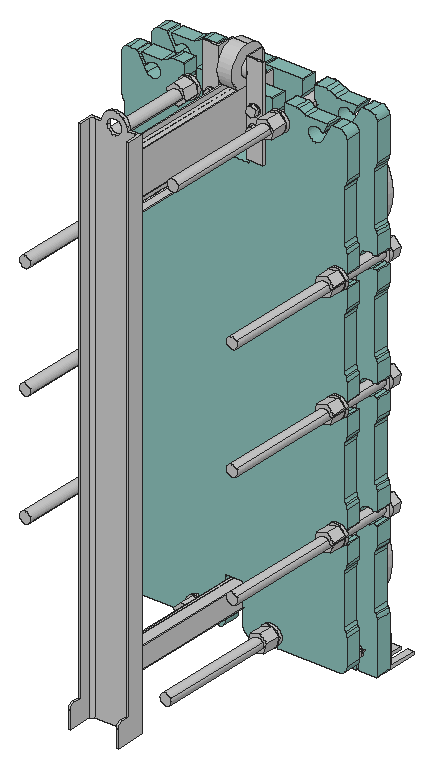
Revit family "Ekin_Endüstriyel - MIT741", category Specialty Equipment, Revit 2022
Family settings
  Round Connector Dimension = Use Diameter
  Part Type = Normal
  Work Plane-Based = No
  Always vertical = No
  Cut with Voids When Loaded = No
  Maintain Annotation Orientation = No
  Shared = No
  Room Calculation Point = No
Parameters (values of type "Flanged")
  URL = "https://en.ekinendustriyel.com/plate-heat-exchanger"
  Type Comments = ""
  Thickness_of_Plate [instance] = 0.50 mm  # constant formula
  Number_of_Plate [instance] = 20
  Model = if(Hygienic, if(Design Pressure < 11.0 bar, "H12340000F150L", if(Design Pressure < 16.0 bar, " H12340000F150M", " H12340000F150H")), if(Design Pressure < 10.0 bar, "E12340000F2150L", if(Design Pressure < 16.0 bar, " E12340000F150M", " E12340000F150H")))  # "H12340000F150L"
  Material = Galvanized Steel- S235JR
  Manufacturer = "Ekin Endüstriyel"
  Lk [instance] = (Number_of_Plate) * ((Thickness_of_Plate) + 2.60 mm)  # 62.00 mm
  Lh [instance] = 1380.00 mm  # constant formula
  Lf [instance] = 1330.00 mm  # constant formula
  Lc [instance] = if(Number_of_Plate < 26, 500.00 mm, if(Number_of_Plate < 51, 750.00 mm, if(Number_of_Plate < 101, 1250.00 mm, if(Number_of_Plate < 151, 1800.00 mm, if(Number_of_Plate < 201, 2000.00 mm, if(Number_of_Plate < 301, 2500.00 mm, 3000.00 mm))))))  # 500.00 mm
  La [instance] = 610.00 mm  # constant formula
  Keynote = ""
  Industrial [instance] = not(Hygienic)  # no
  Hygienic = yes
  Head & Follower Plate [instance] = if(Design Pressure < 11.0 bar, 40.00 mm, if(Design Pressure < 17.0 bar, 50.00 mm, 70.00 mm))  # 40.00 mm
  Follower Plate [instance] = -(Head & Follower Plate)  # -40.00 mm
  Design Pressure = 7 bar
  Description = if(Design Pressure < 11.0 bar, "MIT - Heat Exchanger - 10 bar", if(Design Pressure < 16.0 bar, " MIT - Heat Exchanger - 16 bar", " MIT - Heat Exchanger - 25 bar"))  # "MIT - Heat Exchanger - 10 bar"
  Default Elevation = 0.00 mm
Reference planes
  plane 1 "Center (Front/Back)": y = 0
  plane 2: z = 0
  plane 3 "Center (Left/Right)": x = 0
  plane 4: x = 1160
  plane 5: x = -1000
  plane 6 "2": y = -102
  plane 7 "1": y = -40
  plane 8 "3": y = -540
  plane 9 "Bolt End": y = 18.7
  plane 10: y = -500
Forms (mm)
  Extrusion 1, solid, material "Galvanized Steel", detail levels fine
    sketch origin (4.063, 0, 0) x (1, 0, 0) y (0, 0, 1)
      loop
        line (132.187, 1378) -> (132.187, 1343.302)
        arc (132.187, 1343.302) -> (115.937, 1309) -> (99.687, 1343.302) r 21
        line (99.687, 1343.302) -> (99.687, 1378)
        arc (99.687, 1378) -> (99.101, 1379.414) -> (97.687, 1380) r 2
        line (97.687, 1380) -> (0.937, 1380)
        arc (0.937, 1380) -> (-0.477, 1379.414) -> (-1.063, 1378) r 2
        line (-1.063, 1378) -> (-1.063, 1353.356)
        arc (-1.063, 1353.356) -> (-0.757, 1352.293) -> (0.067, 1351.555) r 2
        arc (0.067, 1351.555) -> (5.437, 1343) -> (0.067, 1334.445) r 9.5
        arc (0.067, 1334.445) -> (-0.757, 1333.707) -> (-1.063, 1332.644) r 2
        line (-1.063, 1332.644) -> (-1.063, 1293.356)
        arc (-1.063, 1293.356) -> (-0.757, 1292.293) -> (0.067, 1291.555) r 2
        arc (0.067, 1291.555) -> (-4.063, 1273.5) -> (-8.193, 1291.555) r 9.5
        arc (-8.193, 1291.555) -> (-7.369, 1292.293) -> (-7.063, 1293.356) r 2
        line (-7.063, 1293.356) -> (-7.063, 1332.644)
        arc (-7.063, 1332.644) -> (-7.369, 1333.707) -> (-8.193, 1334.445) r 2
        arc (-8.193, 1334.445) -> (-13.563, 1343) -> (-8.193, 1351.555) r 9.5
        arc (-8.193, 1351.555) -> (-7.369, 1352.293) -> (-7.063, 1353.356) r 2
        line (-7.063, 1353.356) -> (-7.063, 1378)
        arc (-7.063, 1378) -> (-7.649, 1379.414) -> (-9.063, 1380) r 2
        line (-9.063, 1380) -> (-105.813, 1380)
        arc (-105.813, 1380) -> (-107.227, 1379.414) -> (-107.813, 1378) r 2
        line (-107.813, 1378) -> (-107.813, 1343.302)
        arc (-107.813, 1343.302) -> (-124.063, 1309) -> (-140.313, 1343.302) r 21
        line (-140.313, 1343.302) -> (-140.313, 1378)
        arc (-140.313, 1378) -> (-140.899, 1379.414) -> (-142.313, 1380) r 2
        line (-142.313, 1380) -> (-168.704, 1380)
        arc (-168.704, 1380) -> (-173.88, 1379.319) -> (-178.704, 1377.321) r 20
        line (-178.704, 1377.321) -> (-190.207, 1370.679)
        arc (-190.207, 1370.679) -> (-195.03, 1368.681) -> (-200.207, 1368) r 20
        line (-200.207, 1368) -> (-254.663, 1368)
        arc (-254.663, 1368) -> (-256.395, 1367) -> (-256.395, 1365) r 2
        line (-256.395, 1365) -> (-244.253, 1343.971)
        arc (-244.253, 1343.971) -> (-242.573, 1342.971) -> (-240.843, 1343.882) r 2
        arc (-240.843, 1343.882) -> (-204.07, 1332.483) -> (-241.384, 1323) r 20
        line (-241.384, 1323) -> (-266.787, 1367)
        arc (-266.787, 1367) -> (-267.519, 1367.732) -> (-268.519, 1368) r 2
        line (-268.519, 1368) -> (-289.063, 1368)
        arc (-289.063, 1368) -> (-303.205, 1362.142) -> (-309.063, 1348) r 20
        line (-309.063, 1348) -> (-309.063, 1249.205)
        arc (-309.063, 1249.205) -> (-308.382, 1244.029) -> (-306.384, 1239.205) r 20
        line (-306.384, 1239.205) -> (-303.743, 1234.631)
        arc (-303.743, 1234.631) -> (-301.745, 1229.807) -> (-301.063, 1224.631) r 20
        line (-301.063, 1224.631) -> (-301.063, 1095.349)
        arc (-301.063, 1095.349) -> (-301.745, 1090.173) -> (-303.743, 1085.349) r 20
        line (-303.743, 1085.349) -> (-306.384, 1080.775)
        arc (-306.384, 1080.775) -> (-308.382, 1075.951) -> (-309.063, 1070.775) r 20
        line (-309.063, 1070.775) -> (-309.063, 1023.24)
        arc (-309.063, 1023.24) -> (-308.477, 1021.826) -> (-307.063, 1021.24) r 2
        line (-307.063, 1021.24) -> (-298.061, 1021.24)
        arc (-298.061, 1021.24) -> (-297.418, 1021.346) -> (-296.844, 1021.653) r 2
        arc (-296.844, 1021.653) -> (-263.063, 1004.99) -> (-296.844, 988.327) r 21
        arc (-296.844, 988.327) -> (-297.418, 988.634) -> (-298.061, 988.74) r 2
        line (-298.061, 988.74) -> (-307.063, 988.74)
        arc (-307.063, 988.74) -> (-308.477, 988.154) -> (-309.063, 986.74) r 2
        line (-309.063, 986.74) -> (-309.063, 939.205)
        arc (-309.063, 939.205) -> (-308.382, 934.029) -> (-306.384, 929.205) r 20
        line (-306.384, 929.205) -> (-303.743, 924.631)
        arc (-303.743, 924.631) -> (-301.745, 919.807) -> (-301.063, 914.631) r 20
        line (-301.063, 914.631) -> (-301.063, 785.349)
        arc (-301.063, 785.349) -> (-301.745, 780.173) -> (-303.743, 775.349) r 20
        line (-303.743, 775.349) -> (-306.384, 770.775)
        arc (-306.384, 770.775) -> (-308.382, 765.951) -> (-309.063, 760.775) r 20
        line (-309.063, 760.775) -> (-309.063, 713.25)
        arc (-309.063, 713.25) -> (-308.477, 711.836) -> (-307.063, 711.25) r 2
        line (-307.063, 711.25) -> (-298.061, 711.25)
        arc (-298.061, 711.25) -> (-297.418, 711.356) -> (-296.844, 711.663) r 2
        arc (-296.844, 711.663) -> (-263.063, 695) -> (-296.844, 678.337) r 21
        arc (-296.844, 678.337) -> (-297.418, 678.644) -> (-298.061, 678.75) r 2
        line (-298.061, 678.75) -> (-307.063, 678.75)
        arc (-307.063, 678.75) -> (-308.477, 678.164) -> (-309.063, 676.75) r 2
        line (-309.063, 676.75) -> (-309.063, 629.205)
        arc (-309.063, 629.205) -> (-308.382, 624.029) -> (-306.384, 619.205) r 20
        line (-306.384, 619.205) -> (-303.743, 614.631)
        arc (-303.743, 614.631) -> (-301.745, 609.807) -> (-301.063, 604.631) r 20
        line (-301.063, 604.631) -> (-301.063, 475.349)
        arc (-301.063, 475.349) -> (-301.745, 470.173) -> (-303.743, 465.349) r 20
        line (-303.743, 465.349) -> (-306.384, 460.775)
        arc (-306.384, 460.775) -> (-308.382, 455.951) -> (-309.063, 450.775) r 20
        line (-309.063, 450.775) -> (-309.063, 403.25)
        arc (-309.063, 403.25) -> (-308.477, 401.836) -> (-307.063, 401.25) r 2
        line (-307.063, 401.25) -> (-298.061, 401.25)
        arc (-298.061, 401.25) -> (-297.418, 401.356) -> (-296.844, 401.663) r 2
        arc (-296.844, 401.663) -> (-263.063, 385) -> (-296.844, 368.337) r 21
        arc (-296.844, 368.337) -> (-297.418, 368.644) -> (-298.061, 368.75) r 2
        line (-298.061, 368.75) -> (-307.063, 368.75)
        arc (-307.063, 368.75) -> (-308.477, 368.164) -> (-309.063, 366.75) r 2
        line (-309.063, 366.75) -> (-309.063, 319.205)
        arc (-309.063, 319.205) -> (-308.382, 314.029) -> (-306.384, 309.205) r 20
        line (-306.384, 309.205) -> (-303.743, 304.631)
        arc (-303.743, 304.631) -> (-301.745, 299.807) -> (-301.063, 294.631) r 20
        line (-301.063, 294.631) -> (-301.063, 165.349)
        arc (-301.063, 165.349) -> (-301.745, 160.173) -> (-303.743, 155.349) r 20
        line (-303.743, 155.349) -> (-306.384, 150.775)
        arc (-306.384, 150.775) -> (-308.382, 145.951) -> (-309.063, 140.775) r 20
        line (-309.063, 140.775) -> (-309.063, 2)
        arc (-309.063, 2) -> (-308.477, 0.586) -> (-307.063, 0) r 2
        line (-307.063, 0) -> (-261.563, 0)
        arc (-261.563, 0) -> (-260.149, 0.586) -> (-259.563, 2) r 2
        line (-259.563, 2) -> (-259.563, 34.75)
        arc (-259.563, 34.75) -> (-259.899, 35.859) -> (-260.794, 36.596) r 2
        arc (-260.794, 36.596) -> (-256.563, 57.75) -> (-252.332, 36.596) r 11
        arc (-252.332, 36.596) -> (-253.227, 35.859) -> (-253.563, 34.75) r 2
        line (-253.563, 34.75) -> (-253.563, 2)
        arc (-253.563, 2) -> (-252.977, 0.586) -> (-251.563, 0) r 2
        line (-251.563, 0) -> (-206.063, 0)
        arc (-206.063, 0) -> (-204.649, 0.586) -> (-204.063, 2) r 2
        line (-204.063, 2) -> (-204.063, 18.787)
        arc (-204.063, 18.787) -> (-202.921, 24.527) -> (-199.67, 29.393) r 15
        line (-199.67, 29.393) -> (-183.456, 45.607)
        arc (-183.456, 45.607) -> (-178.59, 48.858) -> (-172.85, 50) r 15
        line (-172.85, 50) -> (-122.313, 50)
        arc (-122.313, 50) -> (-120.899, 50.586) -> (-120.313, 52) r 2
        line (-120.313, 52) -> (-120.313, 63.502)
        arc (-120.313, 63.502) -> (-120.419, 64.145) -> (-120.726, 64.719) r 2
        arc (-120.726, 64.719) -> (-103.731, 98.497) -> (-87.813, 64.198) r 21
        line (-87.813, 64.198) -> (-87.813, 52)
        arc (-87.813, 52) -> (-87.227, 50.586) -> (-85.813, 50) r 2
        line (-85.813, 50) -> (-9.063, 50)
        arc (-9.063, 50) -> (-7.649, 50.586) -> (-7.063, 52) r 2
        line (-7.063, 52) -> (-7.063, 79.644)
        arc (-7.063, 79.644) -> (-7.369, 80.707) -> (-8.193, 81.445) r 2
        arc (-8.193, 81.445) -> (-13.563, 90) -> (-8.193, 98.555) r 9.5
        arc (-8.193, 98.555) -> (-7.369, 99.293) -> (-7.063, 100.356) r 2
        line (-7.063, 100.356) -> (-7.063, 139.644)
        arc (-7.063, 139.644) -> (-7.369, 140.707) -> (-8.193, 141.445) r 2
        arc (-8.193, 141.445) -> (-4.063, 159.5) -> (0.067, 141.445) r 9.5
        arc (0.067, 141.445) -> (-0.757, 140.707) -> (-1.063, 139.644) r 2
        line (-1.063, 139.644) -> (-1.063, 100.356)
        arc (-1.063, 100.356) -> (-0.757, 99.293) -> (0.067, 98.555) r 2
        arc (0.067, 98.555) -> (5.437, 90) -> (0.067, 81.445) r 9.5
        arc (0.067, 81.445) -> (-0.757, 80.707) -> (-1.063, 79.644) r 2
        line (-1.063, 79.644) -> (-1.063, 52)
        arc (-1.063, 52) -> (-0.477, 50.586) -> (0.937, 50) r 2
        line (0.937, 50) -> (77.687, 50)
        arc (77.687, 50) -> (79.101, 50.586) -> (79.687, 52) r 2
        line (79.687, 52) -> (79.687, 64.198)
        arc (79.687, 64.198) -> (95.604, 98.497) -> (112.6, 64.719) r 21
        arc (112.6, 64.719) -> (112.293, 64.145) -> (112.187, 63.502) r 2
        line (112.187, 63.502) -> (112.187, 52)
        arc (112.187, 52) -> (112.773, 50.586) -> (114.187, 50) r 2
        line (114.187, 50) -> (164.724, 50)
        arc (164.724, 50) -> (170.464, 48.858) -> (175.33, 45.607) r 15
        line (175.33, 45.607) -> (191.544, 29.393)
        arc (191.544, 29.393) -> (194.795, 24.527) -> (195.937, 18.787) r 15
        line (195.937, 18.787) -> (195.937, 2)
        arc (195.937, 2) -> (196.523, 0.586) -> (197.937, 0) r 2
        line (197.937, 0) -> (243.437, 0)
        arc (243.437, 0) -> (244.851, 0.586) -> (245.437, 2) r 2
        line (245.437, 2) -> (245.437, 34.75)
        arc (245.437, 34.75) -> (245.101, 35.859) -> (244.206, 36.596) r 2
        arc (244.206, 36.596) -> (248.437, 57.75) -> (252.668, 36.596) r 11
        arc (252.668, 36.596) -> (251.773, 35.859) -> (251.437, 34.75) r 2
        line (251.437, 34.75) -> (251.437, 2)
        arc (251.437, 2) -> (252.023, 0.586) -> (253.437, 0) r 2
        line (253.437, 0) -> (298.937, 0)
        arc (298.937, 0) -> (300.351, 0.586) -> (300.937, 2) r 2
        line (300.937, 2) -> (300.937, 140.775)
        arc (300.937, 140.775) -> (300.255, 145.951) -> (298.257, 150.775) r 20
        line (298.257, 150.775) -> (295.616, 155.349)
        arc (295.616, 155.349) -> (293.618, 160.173) -> (292.937, 165.349) r 20
        line (292.937, 165.349) -> (292.937, 294.631)
        arc (292.937, 294.631) -> (293.618, 299.807) -> (295.616, 304.631) r 20
        line (295.616, 304.631) -> (298.257, 309.205)
        arc (298.257, 309.205) -> (300.255, 314.029) -> (300.937, 319.205) r 20
        line (300.937, 319.205) -> (300.937, 366.75)
        arc (300.937, 366.75) -> (300.351, 368.164) -> (298.937, 368.75) r 2
        line (298.937, 368.75) -> (289.935, 368.75)
        arc (289.935, 368.75) -> (289.292, 368.644) -> (288.718, 368.337) r 2
        arc (288.718, 368.337) -> (254.937, 385) -> (288.718, 401.663) r 21
        arc (288.718, 401.663) -> (289.292, 401.356) -> (289.935, 401.25) r 2
        line (289.935, 401.25) -> (298.937, 401.25)
        arc (298.937, 401.25) -> (300.351, 401.836) -> (300.937, 403.25) r 2
        line (300.937, 403.25) -> (300.937, 450.775)
        arc (300.937, 450.775) -> (300.255, 455.951) -> (298.257, 460.775) r 20
        line (298.257, 460.775) -> (295.616, 465.349)
        arc (295.616, 465.349) -> (293.618, 470.173) -> (292.937, 475.349) r 20
        line (292.937, 475.349) -> (292.937, 604.631)
        arc (292.937, 604.631) -> (293.618, 609.807) -> (295.616, 614.631) r 20
        line (295.616, 614.631) -> (298.257, 619.205)
        arc (298.257, 619.205) -> (300.255, 624.029) -> (300.937, 629.205) r 20
        line (300.937, 629.205) -> (300.937, 676.75)
        arc (300.937, 676.75) -> (300.351, 678.164) -> (298.937, 678.75) r 2
        line (298.937, 678.75) -> (289.935, 678.75)
        arc (289.935, 678.75) -> (289.292, 678.644) -> (288.718, 678.337) r 2
        arc (288.718, 678.337) -> (254.937, 695) -> (288.718, 711.663) r 21
        arc (288.718, 711.663) -> (289.292, 711.356) -> (289.935, 711.25) r 2
        line (289.935, 711.25) -> (298.937, 711.25)
        arc (298.937, 711.25) -> (300.351, 711.836) -> (300.937, 713.25) r 2
        line (300.937, 713.25) -> (300.937, 760.775)
        arc (300.937, 760.775) -> (300.255, 765.951) -> (298.257, 770.775) r 20
        line (298.257, 770.775) -> (295.616, 775.349)
        arc (295.616, 775.349) -> (293.618, 780.173) -> (292.937, 785.349) r 20
        line (292.937, 785.349) -> (292.937, 914.631)
        arc (292.937, 914.631) -> (293.618, 919.807) -> (295.616, 924.631) r 20
        line (295.616, 924.631) -> (298.257, 929.205)
        arc (298.257, 929.205) -> (300.255, 934.029) -> (300.937, 939.205) r 20
        line (300.937, 939.205) -> (300.937, 986.74)
        arc (300.937, 986.74) -> (300.351, 988.154) -> (298.937, 988.74) r 2
        line (298.937, 988.74) -> (289.935, 988.74)
        arc (289.935, 988.74) -> (289.292, 988.634) -> (288.718, 988.327) r 2
        arc (288.718, 988.327) -> (254.937, 1004.99) -> (288.718, 1021.653) r 21
        arc (288.718, 1021.653) -> (289.292, 1021.346) -> (289.935, 1021.24) r 2
        line (289.935, 1021.24) -> (298.937, 1021.24)
        arc (298.937, 1021.24) -> (300.351, 1021.826) -> (300.937, 1023.24) r 2
        line (300.937, 1023.24) -> (300.937, 1070.775)
        arc (300.937, 1070.775) -> (300.255, 1075.951) -> (298.257, 1080.775) r 20
        line (298.257, 1080.775) -> (295.616, 1085.349)
        arc (295.616, 1085.349) -> (293.618, 1090.173) -> (292.937, 1095.349) r 20
        line (292.937, 1095.349) -> (292.937, 1224.631)
        arc (292.937, 1224.631) -> (293.618, 1229.807) -> (295.616, 1234.631) r 20
        line (295.616, 1234.631) -> (298.257, 1239.205)
        arc (298.257, 1239.205) -> (300.255, 1244.029) -> (300.937, 1249.205) r 20
        line (300.937, 1249.205) -> (300.937, 1348)
        arc (300.937, 1348) -> (295.079, 1362.142) -> (280.937, 1368) r 20
        line (280.937, 1368) -> (260.393, 1368)
        arc (260.393, 1368) -> (259.393, 1367.732) -> (258.661, 1367) r 2
        line (258.661, 1367) -> (233.257, 1323)
        arc (233.257, 1323) -> (195.944, 1332.483) -> (232.717, 1343.882) r 20
        arc (232.717, 1343.882) -> (234.447, 1342.971) -> (236.127, 1343.971) r 2
        line (236.127, 1343.971) -> (248.269, 1365)
        arc (248.269, 1365) -> (248.269, 1367) -> (246.537, 1368) r 2
        line (246.537, 1368) -> (192.081, 1368)
        arc (192.081, 1368) -> (186.904, 1368.681) -> (182.081, 1370.679) r 20
        line (182.081, 1370.679) -> (170.578, 1377.321)
        arc (170.578, 1377.321) -> (165.754, 1379.319) -> (160.578, 1380) r 20
        line (160.578, 1380) -> (134.187, 1380)
        arc (134.187, 1380) -> (132.773, 1379.414) -> (132.187, 1378) r 2
      loop
        circle (144.437, 1140) r 65
      loop
        circle (144.437, 250) r 65
      loop
        circle (-152.563, 1140) r 65
      loop
        circle (-152.563, 250) r 65
    from 0 to 40
  Extrusion 2, solid, material "Galvanized Steel", detail levels fine
    sketch origin (4.063, -102, 0) x (-1, 0, 0) y (0, 0, 1)
      loop
        arc (-132.187, 1378) -> (-132.773, 1379.414) -> (-134.187, 1380) r 2
        line (-134.187, 1380) -> (-160.578, 1380)
        arc (-160.578, 1380) -> (-165.754, 1379.319) -> (-170.578, 1377.321) r 20
        line (-170.578, 1377.321) -> (-182.081, 1370.679)
        arc (-182.081, 1370.679) -> (-186.904, 1368.681) -> (-192.081, 1368) r 20
        line (-192.081, 1368) -> (-246.537, 1368)
        arc (-246.537, 1368) -> (-248.269, 1367) -> (-248.269, 1365) r 2
        line (-248.269, 1365) -> (-236.127, 1343.971)
        arc (-236.127, 1343.971) -> (-234.447, 1342.971) -> (-232.717, 1343.882) r 2
        arc (-232.717, 1343.882) -> (-195.944, 1332.483) -> (-233.257, 1323) r 20
        line (-233.257, 1323) -> (-258.661, 1367)
        arc (-258.661, 1367) -> (-259.393, 1367.732) -> (-260.393, 1368) r 2
        line (-260.393, 1368) -> (-280.937, 1368)
        arc (-280.937, 1368) -> (-295.079, 1362.142) -> (-300.937, 1348) r 20
        line (-300.937, 1348) -> (-300.937, 1249.205)
        arc (-300.937, 1249.205) -> (-300.255, 1244.029) -> (-298.257, 1239.205) r 20
        line (-298.257, 1239.205) -> (-295.616, 1234.631)
        arc (-295.616, 1234.631) -> (-293.618, 1229.807) -> (-292.937, 1224.631) r 20
        line (-292.937, 1224.631) -> (-292.937, 1095.349)
        arc (-292.937, 1095.349) -> (-293.618, 1090.173) -> (-295.616, 1085.349) r 20
        line (-295.616, 1085.349) -> (-298.257, 1080.775)
        arc (-298.257, 1080.775) -> (-300.255, 1075.951) -> (-300.937, 1070.775) r 20
        line (-300.937, 1070.775) -> (-300.937, 1023.24)
        arc (-300.937, 1023.24) -> (-300.351, 1021.826) -> (-298.937, 1021.24) r 2
        line (-298.937, 1021.24) -> (-289.935, 1021.24)
        arc (-289.935, 1021.24) -> (-289.292, 1021.346) -> (-288.718, 1021.653) r 2
        arc (-288.718, 1021.653) -> (-254.937, 1004.99) -> (-288.718, 988.327) r 21
        arc (-288.718, 988.327) -> (-289.292, 988.634) -> (-289.935, 988.74) r 2
        line (-289.935, 988.74) -> (-298.937, 988.74)
        arc (-298.937, 988.74) -> (-300.351, 988.154) -> (-300.937, 986.74) r 2
        line (-300.937, 986.74) -> (-300.937, 939.205)
        arc (-300.937, 939.205) -> (-300.255, 934.029) -> (-298.257, 929.205) r 20
        line (-298.257, 929.205) -> (-295.616, 924.631)
        arc (-295.616, 924.631) -> (-293.618, 919.807) -> (-292.937, 914.631) r 20
        line (-292.937, 914.631) -> (-292.937, 785.349)
        arc (-292.937, 785.349) -> (-293.618, 780.173) -> (-295.616, 775.349) r 20
        line (-295.616, 775.349) -> (-298.257, 770.775)
        arc (-298.257, 770.775) -> (-300.255, 765.951) -> (-300.937, 760.775) r 20
        line (-300.937, 760.775) -> (-300.937, 713.25)
        arc (-300.937, 713.25) -> (-300.351, 711.836) -> (-298.937, 711.25) r 2
        line (-298.937, 711.25) -> (-289.935, 711.25)
        arc (-289.935, 711.25) -> (-289.292, 711.356) -> (-288.718, 711.663) r 2
        arc (-288.718, 711.663) -> (-254.937, 695) -> (-288.718, 678.337) r 21
        arc (-288.718, 678.337) -> (-289.292, 678.644) -> (-289.935, 678.75) r 2
        line (-289.935, 678.75) -> (-298.937, 678.75)
        arc (-298.937, 678.75) -> (-300.351, 678.164) -> (-300.937, 676.75) r 2
        line (-300.937, 676.75) -> (-300.937, 629.205)
        arc (-300.937, 629.205) -> (-300.255, 624.029) -> (-298.257, 619.205) r 20
        line (-298.257, 619.205) -> (-295.616, 614.631)
        arc (-295.616, 614.631) -> (-293.618, 609.807) -> (-292.937, 604.631) r 20
        line (-292.937, 604.631) -> (-292.937, 475.349)
        arc (-292.937, 475.349) -> (-293.618, 470.173) -> (-295.616, 465.349) r 20
        line (-295.616, 465.349) -> (-298.257, 460.775)
        arc (-298.257, 460.775) -> (-300.255, 455.951) -> (-300.937, 450.775) r 20
        line (-300.937, 450.775) -> (-300.937, 403.25)
        arc (-300.937, 403.25) -> (-300.351, 401.836) -> (-298.937, 401.25) r 2
        line (-298.937, 401.25) -> (-289.935, 401.25)
        arc (-289.935, 401.25) -> (-289.292, 401.356) -> (-288.718, 401.663) r 2
        arc (-288.718, 401.663) -> (-254.937, 385) -> (-288.718, 368.337) r 21
        arc (-288.718, 368.337) -> (-289.292, 368.644) -> (-289.935, 368.75) r 2
        line (-289.935, 368.75) -> (-298.937, 368.75)
        arc (-298.937, 368.75) -> (-300.351, 368.164) -> (-300.937, 366.75) r 2
        line (-300.937, 366.75) -> (-300.937, 319.205)
        arc (-300.937, 319.205) -> (-300.255, 314.029) -> (-298.257, 309.205) r 20
        line (-298.257, 309.205) -> (-295.616, 304.631)
        arc (-295.616, 304.631) -> (-293.618, 299.807) -> (-292.937, 294.631) r 20
        line (-292.937, 294.631) -> (-292.937, 165.349)
        arc (-292.937, 165.349) -> (-293.618, 160.173) -> (-295.616, 155.349) r 20
        line (-295.616, 155.349) -> (-298.257, 150.775)
        arc (-298.257, 150.775) -> (-300.255, 145.951) -> (-300.937, 140.775) r 20
        line (-300.937, 140.775) -> (-300.937, 70)
        arc (-300.937, 70) -> (-295.079, 55.858) -> (-280.937, 50) r 20
        line (-280.937, 50) -> (-114.187, 50)
        arc (-114.187, 50) -> (-112.773, 50.586) -> (-112.187, 52) r 2
        line (-112.187, 52) -> (-112.187, 63.502)
        arc (-112.187, 63.502) -> (-112.293, 64.145) -> (-112.6, 64.719) r 2
        arc (-112.6, 64.719) -> (-95.604, 98.497) -> (-79.687, 64.198) r 21
        line (-79.687, 64.198) -> (-79.687, 52)
        arc (-79.687, 52) -> (-79.101, 50.586) -> (-77.687, 50) r 2
        line (-77.687, 50) -> (-38.937, 50)
        arc (-38.937, 50) -> (-24.795, 55.858) -> (-18.937, 70) r 20
        line (-18.937, 70) -> (-18.937, 177)
        arc (-18.937, 177) -> (-18.058, 179.121) -> (-15.937, 180) r 3
        line (-15.937, 180) -> (24.063, 180)
        arc (24.063, 180) -> (26.184, 179.121) -> (27.063, 177) r 3
        line (27.063, 177) -> (27.063, 70)
        arc (27.063, 70) -> (32.921, 55.858) -> (47.063, 50) r 20
        line (47.063, 50) -> (85.813, 50)
        arc (85.813, 50) -> (87.227, 50.586) -> (87.813, 52) r 2
        line (87.813, 52) -> (87.813, 64.198)
        arc (87.813, 64.198) -> (103.731, 98.497) -> (120.726, 64.719) r 21
        arc (120.726, 64.719) -> (120.419, 64.145) -> (120.313, 63.502) r 2
        line (120.313, 63.502) -> (120.313, 52)
        arc (120.313, 52) -> (120.899, 50.586) -> (122.313, 50) r 2
        line (122.313, 50) -> (289.063, 50)
        arc (289.063, 50) -> (303.205, 55.858) -> (309.063, 70) r 20
        line (309.063, 70) -> (309.063, 140.775)
        arc (309.063, 140.775) -> (308.382, 145.951) -> (306.384, 150.775) r 20
        line (306.384, 150.775) -> (303.743, 155.349)
        arc (303.743, 155.349) -> (301.745, 160.173) -> (301.063, 165.349) r 20
        line (301.063, 165.349) -> (301.063, 294.631)
        arc (301.063, 294.631) -> (301.745, 299.807) -> (303.743, 304.631) r 20
        line (303.743, 304.631) -> (306.384, 309.205)
        arc (306.384, 309.205) -> (308.382, 314.029) -> (309.063, 319.205) r 20
        line (309.063, 319.205) -> (309.063, 366.75)
        arc (309.063, 366.75) -> (308.477, 368.164) -> (307.063, 368.75) r 2
        line (307.063, 368.75) -> (298.061, 368.75)
        arc (298.061, 368.75) -> (297.418, 368.644) -> (296.844, 368.337) r 2
        arc (296.844, 368.337) -> (263.063, 385) -> (296.844, 401.663) r 21
        arc (296.844, 401.663) -> (297.418, 401.356) -> (298.061, 401.25) r 2
        line (298.061, 401.25) -> (307.063, 401.25)
        arc (307.063, 401.25) -> (308.477, 401.836) -> (309.063, 403.25) r 2
        line (309.063, 403.25) -> (309.063, 450.775)
        arc (309.063, 450.775) -> (308.382, 455.951) -> (306.384, 460.775) r 20
        line (306.384, 460.775) -> (303.743, 465.349)
        arc (303.743, 465.349) -> (301.745, 470.173) -> (301.063, 475.349) r 20
        line (301.063, 475.349) -> (301.063, 604.631)
        arc (301.063, 604.631) -> (301.745, 609.807) -> (303.743, 614.631) r 20
        line (303.743, 614.631) -> (306.384, 619.205)
        arc (306.384, 619.205) -> (308.382, 624.029) -> (309.063, 629.205) r 20
        line (309.063, 629.205) -> (309.063, 676.75)
        arc (309.063, 676.75) -> (308.477, 678.164) -> (307.063, 678.75) r 2
        line (307.063, 678.75) -> (298.061, 678.75)
        arc (298.061, 678.75) -> (297.418, 678.644) -> (296.844, 678.337) r 2
        arc (296.844, 678.337) -> (263.063, 695) -> (296.844, 711.663) r 21
        arc (296.844, 711.663) -> (297.418, 711.356) -> (298.061, 711.25) r 2
        line (298.061, 711.25) -> (307.063, 711.25)
        arc (307.063, 711.25) -> (308.477, 711.836) -> (309.063, 713.25) r 2
        line (309.063, 713.25) -> (309.063, 760.775)
        arc (309.063, 760.775) -> (308.382, 765.951) -> (306.384, 770.775) r 20
        line (306.384, 770.775) -> (303.743, 775.349)
        arc (303.743, 775.349) -> (301.745, 780.173) -> (301.063, 785.349) r 20
        line (301.063, 785.349) -> (301.063, 914.631)
        arc (301.063, 914.631) -> (301.745, 919.807) -> (303.743, 924.631) r 20
        line (303.743, 924.631) -> (306.384, 929.205)
        arc (306.384, 929.205) -> (308.382, 934.029) -> (309.063, 939.205) r 20
        line (309.063, 939.205) -> (309.063, 986.74)
        arc (309.063, 986.74) -> (308.477, 988.154) -> (307.063, 988.74) r 2
        line (307.063, 988.74) -> (298.061, 988.74)
        arc (298.061, 988.74) -> (297.418, 988.634) -> (296.844, 988.327) r 2
        arc (296.844, 988.327) -> (263.063, 1004.99) -> (296.844, 1021.653) r 21
        arc (296.844, 1021.653) -> (297.418, 1021.346) -> (298.061, 1021.24) r 2
        line (298.061, 1021.24) -> (307.063, 1021.24)
        arc (307.063, 1021.24) -> (308.477, 1021.826) -> (309.063, 1023.24) r 2
        line (309.063, 1023.24) -> (309.063, 1070.775)
        arc (309.063, 1070.775) -> (308.382, 1075.951) -> (306.384, 1080.775) r 20
        line (306.384, 1080.775) -> (303.743, 1085.349)
        arc (303.743, 1085.349) -> (301.745, 1090.173) -> (301.063, 1095.349) r 20
        line (301.063, 1095.349) -> (301.063, 1224.631)
        arc (301.063, 1224.631) -> (301.745, 1229.807) -> (303.743, 1234.631) r 20
        line (303.743, 1234.631) -> (306.384, 1239.205)
        arc (306.384, 1239.205) -> (308.382, 1244.029) -> (309.063, 1249.205) r 20
        line (309.063, 1249.205) -> (309.063, 1348)
        arc (309.063, 1348) -> (303.205, 1362.142) -> (289.063, 1368) r 20
        line (289.063, 1368) -> (268.519, 1368)
        arc (268.519, 1368) -> (267.519, 1367.732) -> (266.787, 1367) r 2
        line (266.787, 1367) -> (241.384, 1323)
        arc (241.384, 1323) -> (204.07, 1332.483) -> (240.843, 1343.882) r 20
        arc (240.843, 1343.882) -> (242.573, 1342.971) -> (244.253, 1343.971) r 2
        line (244.253, 1343.971) -> (256.395, 1365)
        arc (256.395, 1365) -> (256.395, 1367) -> (254.663, 1368) r 2
        line (254.663, 1368) -> (200.207, 1368)
        arc (200.207, 1368) -> (195.03, 1368.681) -> (190.207, 1370.679) r 20
        line (190.207, 1370.679) -> (178.704, 1377.321)
        arc (178.704, 1377.321) -> (173.88, 1379.319) -> (168.704, 1380) r 20
        line (168.704, 1380) -> (142.313, 1380)
        arc (142.313, 1380) -> (140.899, 1379.414) -> (140.313, 1378) r 2
        line (140.313, 1378) -> (140.313, 1343.302)
        arc (140.313, 1343.302) -> (124.063, 1309) -> (107.813, 1343.302) r 21
        line (107.813, 1343.302) -> (107.813, 1378)
        arc (107.813, 1378) -> (107.227, 1379.414) -> (105.813, 1380) r 2
        line (105.813, 1380) -> (45.063, 1380) -> (45.063, 1340.7) -> (51.701, 1340.7)
        arc (51.701, 1340.7) -> (72.263, 1337.7) -> (51.701, 1334.7) r 10.5
        line (51.701, 1334.7) -> (45.063, 1334.7) -> (45.063, 1290.7) -> (51.701, 1290.7)
        arc (51.701, 1290.7) -> (72.263, 1287.7) -> (51.701, 1284.7) r 10.5
        line (51.701, 1284.7) -> (45.063, 1284.7) -> (45.063, 1202.5)
        arc (45.063, 1202.5) -> (44.477, 1201.086) -> (43.063, 1200.5) r 2
        line (43.063, 1200.5) -> (-34.937, 1200.5)
        arc (-34.937, 1200.5) -> (-36.351, 1201.086) -> (-36.937, 1202.5) r 2
        line (-36.937, 1202.5) -> (-36.937, 1284.7) -> (-43.575, 1284.7)
        arc (-43.575, 1284.7) -> (-64.137, 1287.7) -> (-43.575, 1290.7) r 10.5
        line (-43.575, 1290.7) -> (-36.937, 1290.7) -> (-36.937, 1334.7) -> (-43.575, 1334.7)
        arc (-43.575, 1334.7) -> (-64.137, 1337.7) -> (-43.575, 1340.7) r 10.5
        line (-43.575, 1340.7) -> (-36.937, 1340.7) -> (-36.937, 1380) -> (-97.687, 1380)
        arc (-97.687, 1380) -> (-99.101, 1379.414) -> (-99.687, 1378) r 2
        line (-99.687, 1378) -> (-99.687, 1343.302)
        arc (-99.687, 1343.302) -> (-115.937, 1309) -> (-132.187, 1343.302) r 21
        line (-132.187, 1343.302) -> (-132.187, 1378)
    from 0 to -40 <- "Follower Plate"
  Extrusion 3, solid, material "Galvanized Steel- S235JR"
    sketch origin (0, 0, 0) x (1, 0, 0) y (0, 0, 1)
      loop
        line (-18, 110) -> (18, 110)
        arc (18, 110) -> (19.414, 110.586) -> (20, 112) r 2
        line (20, 112) -> (20, 168)
        arc (20, 168) -> (19.414, 169.414) -> (18, 170) r 2
        line (18, 170) -> (-18, 170)
        arc (-18, 170) -> (-19.414, 169.414) -> (-20, 168) r 2
        line (-20, 168) -> (-20, 112)
        arc (-20, 112) -> (-19.414, 110.586) -> (-18, 110) r 2
      loop
        line (-15, 113) -> (15, 113)
        arc (15, 113) -> (16.414, 113.586) -> (17, 115) r 2
        line (17, 115) -> (17, 165)
        arc (17, 165) -> (16.414, 166.414) -> (15, 167) r 2
        line (15, 167) -> (-15, 167)
        arc (-15, 167) -> (-16.414, 166.414) -> (-17, 165) r 2
        line (-17, 165) -> (-17, 115)
        arc (-17, 115) -> (-16.414, 113.586) -> (-15, 113) r 2
      loop
        line (-21.125, 1260) -> (-6.125, 1260)
        arc (-6.125, 1260) -> (-4.004, 1259.121) -> (-3.125, 1257) r 3
        line (-3.125, 1257) -> (-3.125, 1233)
        arc (-3.125, 1233) -> (-4.004, 1230.879) -> (-6.125, 1230) r 3
        line (-6.125, 1230) -> (-26.125, 1230) -> (-26.125, 1227) -> (-3.125, 1227)
        arc (-3.125, 1227) -> (-1.004, 1227.879) -> (-0.125, 1230) r 3
        arc (-0.125, 1230) -> (0.754, 1227.879) -> (2.875, 1227) r 3
        line (2.875, 1227) -> (25.875, 1227) -> (25.875, 1230) -> (5.875, 1230)
        arc (5.875, 1230) -> (3.754, 1230.879) -> (2.875, 1233) r 3
        line (2.875, 1233) -> (2.875, 1257)
        arc (2.875, 1257) -> (3.754, 1259.121) -> (5.875, 1260) r 3
        line (5.875, 1260) -> (20.875, 1260)
        arc (20.875, 1260) -> (22.289, 1260.586) -> (22.875, 1262) r 2
        line (22.875, 1262) -> (22.875, 1375) -> (19.875, 1375) -> (19.875, 1363) -> (-20.125, 1363) -> (-20.125, 1375) -> (-23.125, 1375) -> (-23.125, 1262)
        arc (-23.125, 1262) -> (-22.539, 1260.586) -> (-21.125, 1260) r 2
      loop
        line (-13.125, 1268) -> (12.875, 1268)
        arc (12.875, 1268) -> (14.289, 1268.586) -> (14.875, 1270) r 2
        line (14.875, 1270) -> (14.875, 1356)
        arc (14.875, 1356) -> (14.289, 1357.414) -> (12.875, 1358) r 2
        line (12.875, 1358) -> (-13.125, 1358)
        arc (-13.125, 1358) -> (-14.539, 1357.414) -> (-15.125, 1356) r 2
        line (-15.125, 1356) -> (-15.125, 1270)
        arc (-15.125, 1270) -> (-14.539, 1268.586) -> (-13.125, 1268) r 2
    from 40 to 540
  Extrusion 4, solid, material "Galvanized Steel- S235JR"
    sketch origin (0, 0, 0) x (1, 0, 0) y (0, 0, 1)
      loop
        circle (-100, 77.5) r 15
      loop
        circle (-280, 384.99) r 15
      loop
        circle (-280, 694.99) r 15
      loop
        circle (-280, 1004.99) r 15
      loop
        circle (-120, 1330) r 15
      loop
        circle (100, 77.5) r 15
      loop
        circle (280, 384.99) r 15
      loop
        circle (280, 694.99) r 15
      loop
        circle (280, 1004.99) r 15
      loop
        circle (120, 1330) r 15
    from 0 to 500
  Extrusion 5, solid, material "Galvanized Steel- S235JR", detail levels fine
    sketch origin (0, 0, 0) x (1, 0, 0) y (0, 0, 1)
      loop
        line (-246.063, 59.021) -> (-259.908, 58.46) -> (-266.345, 46.189) -> (-258.937, 34.479) -> (-245.092, 35.04) -> (-238.655, 47.311) -> (-246.063, 59.021)
      loop
        line (241.591, 55.293) -> (239.647, 41.574) -> (250.556, 33.031) -> (263.409, 38.207) -> (265.353, 51.926) -> (254.444, 60.469) -> (241.591, 55.293)
    from -21 to -8
  Extrusion 6, solid, material "Galvanized Steel- S235JR", detail levels fine
    sketch origin (276.226, -40, -33.535) x (1, 0, 0) y (0, 0, 1)
      loop
        circle (-23.726, 80.285) r 14
      loop
        circle (-528.726, 80.285) r 14
    from 0 to 3
  Extrusion 7, solid, material "Galvanized Steel- S235JR", detail levels fine
    sketch origin (0, 0, 0) x (1, 0, 0) y (0, 0, 1)
      loop
        circle (252.5, 46.75) r 7
      loop
        circle (-252.5, 46.75) r 7
    from 60 to -11
  Extrusion 8, solid, material "Galvanized Steel- S235JR", detail levels fine
    sketch origin (29.639, -40, 34.419) x (1, 0, 0) y (0, 0, 1)
      loop
        line (-275.702, 24.602) -> (-289.547, 24.04) -> (-295.984, 11.77) -> (-288.575, 0.06) -> (-274.73, 0.621) -> (-268.294, 12.892) -> (-275.702, 24.602)
      loop
        line (211.952, 20.874) -> (210.008, 7.155) -> (220.917, -1.388) -> (233.77, 3.788) -> (235.715, 17.507) -> (224.805, 26.05) -> (211.952, 20.874)
    from 11 to 3
  Extrusion 9, solid, material "Galvanized Steel- S235JR", detail levels fine
    sketch origin (0, 0, 0) x (1, 0, 0) y (0, 0, 1)
      loop
        line (96.095, 151.381) -> (88.731, 139.643) -> (95.214, 127.397) -> (109.061, 126.888) -> (116.425, 138.626) -> (109.942, 150.872) -> (96.095, 151.381)
      loop
        line (41.709, 217.322) -> (28.203, 214.229) -> (24.128, 200.985) -> (33.56, 190.834) -> (47.066, 193.927) -> (51.141, 207.171) -> (41.709, 217.322)
      loop
        line (38.143, 309.769) -> (25.897, 303.286) -> (25.388, 289.439) -> (37.126, 282.075) -> (49.372, 288.558) -> (49.881, 302.405) -> (38.143, 309.769)
      loop
        line (92.427, 351.434) -> (105.671, 347.359) -> (115.822, 356.791) -> (112.729, 370.297) -> (99.485, 374.372) -> (89.334, 364.94) -> (92.427, 351.434)
      loop
        line (187.939, 373.112) -> (180.575, 361.374) -> (187.058, 349.128) -> (200.905, 348.619) -> (208.269, 360.357) -> (201.786, 372.603) -> (187.939, 373.112)
      loop
        line (245.859, 292.829) -> (255.291, 282.678) -> (268.797, 285.771) -> (272.872, 299.015) -> (263.44, 309.166) -> (249.934, 306.073) -> (245.859, 292.829)
      loop
        line (247.119, 197.595) -> (258.857, 190.231) -> (271.103, 196.714) -> (271.612, 210.561) -> (259.874, 217.925) -> (247.628, 211.442) -> (247.119, 197.595)
      loop
        line (181.178, 143.209) -> (184.271, 129.703) -> (197.515, 125.628) -> (207.666, 135.06) -> (204.573, 148.566) -> (191.329, 152.641) -> (181.178, 143.209)
      loop
        line (96.095, 1041.381) -> (88.731, 1029.643) -> (95.214, 1017.397) -> (109.061, 1016.888) -> (116.425, 1028.626) -> (109.942, 1040.872) -> (96.095, 1041.381)
      loop
        line (41.709, 1107.322) -> (28.203, 1104.229) -> (24.128, 1090.985) -> (33.56, 1080.834) -> (47.066, 1083.927) -> (51.141, 1097.171) -> (41.709, 1107.322)
      loop
        line (38.143, 1199.769) -> (25.897, 1193.286) -> (25.388, 1179.439) -> (37.126, 1172.075) -> (49.372, 1178.558) -> (49.881, 1192.405) -> (38.143, 1199.769)
      loop
        line (92.427, 1241.434) -> (105.671, 1237.359) -> (115.822, 1246.791) -> (112.729, 1260.297) -> (99.485, 1264.372) -> (89.334, 1254.94) -> (92.427, 1241.434)
      loop
        line (187.939, 1263.112) -> (180.575, 1251.374) -> (187.058, 1239.128) -> (200.905, 1238.619) -> (208.269, 1250.357) -> (201.786, 1262.603) -> (187.939, 1263.112)
      loop
        line (245.859, 1182.829) -> (255.291, 1172.678) -> (268.797, 1175.771) -> (272.872, 1189.015) -> (263.44, 1199.166) -> (249.934, 1196.073) -> (245.859, 1182.829)
      loop
        line (247.119, 1087.595) -> (258.857, 1080.231) -> (271.103, 1086.714) -> (271.612, 1100.561) -> (259.874, 1107.925) -> (247.628, 1101.442) -> (247.119, 1087.595)
      loop
        line (181.178, 1033.209) -> (184.271, 1019.703) -> (197.515, 1015.628) -> (207.666, 1025.06) -> (204.573, 1038.566) -> (191.329, 1042.641) -> (181.178, 1033.209)
      loop
        line (-200.905, 1041.381) -> (-208.269, 1029.643) -> (-201.786, 1017.397) -> (-187.939, 1016.888) -> (-180.575, 1028.626) -> (-187.058, 1040.872) -> (-200.905, 1041.381)
      loop
        line (-255.291, 1107.322) -> (-268.797, 1104.229) -> (-272.872, 1090.985) -> (-263.44, 1080.834) -> (-249.934, 1083.927) -> (-245.859, 1097.171) -> (-255.291, 1107.322)
      loop
        line (-258.857, 1199.769) -> (-271.103, 1193.286) -> (-271.612, 1179.439) -> (-259.874, 1172.075) -> (-247.628, 1178.558) -> (-247.119, 1192.405) -> (-258.857, 1199.769)
      loop
        line (-204.573, 1241.434) -> (-191.329, 1237.359) -> (-181.178, 1246.791) -> (-184.271, 1260.297) -> (-197.515, 1264.372) -> (-207.666, 1254.94) -> (-204.573, 1241.434)
      loop
        line (-109.061, 1263.112) -> (-116.425, 1251.374) -> (-109.942, 1239.128) -> (-96.095, 1238.619) -> (-88.731, 1250.357) -> (-95.214, 1262.603) -> (-109.061, 1263.112)
      loop
        line (-51.141, 1182.829) -> (-41.709, 1172.678) -> (-28.203, 1175.771) -> (-24.128, 1189.015) -> (-33.56, 1199.166) -> (-47.066, 1196.073) -> (-51.141, 1182.829)
      loop
        line (-49.881, 1087.595) -> (-38.143, 1080.231) -> (-25.897, 1086.714) -> (-25.388, 1100.561) -> (-37.126, 1107.925) -> (-49.372, 1101.442) -> (-49.881, 1087.595)
      loop
        line (-115.822, 1033.209) -> (-112.729, 1019.703) -> (-99.485, 1015.628) -> (-89.334, 1025.06) -> (-92.427, 1038.566) -> (-105.671, 1042.641) -> (-115.822, 1033.209)
      loop
        line (-200.905, 151.381) -> (-208.269, 139.643) -> (-201.786, 127.397) -> (-187.939, 126.888) -> (-180.575, 138.626) -> (-187.058, 150.872) -> (-200.905, 151.381)
      loop
        line (-255.291, 217.322) -> (-268.797, 214.229) -> (-272.872, 200.985) -> (-263.44, 190.834) -> (-249.934, 193.927) -> (-245.859, 207.171) -> (-255.291, 217.322)
      loop
        line (-258.857, 309.769) -> (-271.103, 303.286) -> (-271.612, 289.439) -> (-259.874, 282.075) -> (-247.628, 288.558) -> (-247.119, 302.405) -> (-258.857, 309.769)
      loop
        line (-204.573, 351.434) -> (-191.329, 347.359) -> (-181.178, 356.791) -> (-184.271, 370.297) -> (-197.515, 374.372) -> (-207.666, 364.94) -> (-204.573, 351.434)
      loop
        line (-109.061, 373.112) -> (-116.425, 361.374) -> (-109.942, 349.128) -> (-96.095, 348.619) -> (-88.731, 360.357) -> (-95.214, 372.603) -> (-109.061, 373.112)
      loop
        line (-51.141, 292.829) -> (-41.709, 282.678) -> (-28.203, 285.771) -> (-24.128, 299.015) -> (-33.56, 309.166) -> (-47.066, 306.073) -> (-51.141, 292.829)
      loop
        line (-49.881, 197.595) -> (-38.143, 190.231) -> (-25.897, 196.714) -> (-25.388, 210.561) -> (-37.126, 217.925) -> (-49.372, 211.442) -> (-49.881, 197.595)
      loop
        line (-115.822, 143.209) -> (-112.729, 129.703) -> (-99.485, 125.628) -> (-89.334, 135.06) -> (-92.427, 148.566) -> (-105.671, 152.641) -> (-115.822, 143.209)
    from -38.2 to -28.2
  Extrusion 10, solid, material "Galvanized Steel- S235JR", detail levels fine
    sketch origin (0, 0, 0) x (1, 0, 0) y (0, 0, 1)
      loop
        line (-11.95, 1350.014) -> (-12.05, 1336.158) -> (-0.1, 1329.144) -> (11.95, 1335.986) -> (12.05, 1349.842) -> (0.1, 1356.856) -> (-11.95, 1350.014)
      loop
        line (-13.027, 1287.721) -> (-10.602, 1274.078) -> (2.425, 1269.357) -> (13.027, 1278.279) -> (10.602, 1291.922) -> (-2.425, 1296.643) -> (-13.027, 1287.721)
      loop
        line (-12.854, 144.826) -> (-1.946, 136.281) -> (10.908, 141.455) -> (12.854, 155.174) -> (1.946, 163.719) -> (-10.908, 158.545) -> (-12.854, 144.826)
      loop
        line (-12.909, 95.036) -> (-10.816, 81.339) -> (2.093, 76.303) -> (12.909, 84.964) -> (10.816, 98.661) -> (-2.093, 103.697) -> (-12.909, 95.036)
    from 0 to -10
  Extrusion 11, solid, material "Galvanized Steel- S235JR", detail levels medium+fine
    sketch origin (0, 0, 0) x (1, 0, 0) y (0, 1, 0)
      loop
        line (-67.5, -620) -> (-62.5, -620) -> (-62.5, -558)
        arc (-62.5, -558) -> (-59.571, -550.929) -> (-52.5, -548) r 10
        line (-52.5, -548) -> (52.5, -548)
        arc (52.5, -548) -> (59.571, -550.929) -> (62.5, -558) r 10
        line (62.5, -558) -> (62.5, -620) -> (67.5, -620) -> (67.5, -540) -> (-67.5, -540) -> (-67.5, -620)
    from 0 to 2169.894
  Extrusion 12, solid, material "Galvanized Steel- S235JR", detail levels medium+fine
    sketch origin (0, 0, 0) x (1, 0, 0) y (0, 0, 1)
      loop
        circle (-280, 1004.99) r 27.5
      loop
        circle (-280, 1004.99) r 15
      loop
        circle (-120, 1330) r 27.5
      loop
        circle (-120, 1330) r 15
      loop
        circle (-280, 694.99) r 27.5
      loop
        circle (-280, 694.99) r 15
      loop
        circle (-280, 384.99) r 27.5
      loop
        circle (-280, 384.99) r 15
      loop
        circle (-100, 77.5) r 27.5
      loop
        circle (-100, 77.5) r 15
      loop
        circle (280, 1004.99) r 27.5
      loop
        circle (280, 1004.99) r 15
      loop
        circle (120, 1330) r 27.5
      loop
        circle (120, 1330) r 15
      loop
        circle (280, 694.99) r 27.5
      loop
        circle (280, 694.99) r 15
      loop
        circle (280, 384.99) r 27.5
      loop
        circle (280, 384.99) r 15
      loop
        circle (100, 77.5) r 27.5
      loop
        circle (100, 77.5) r 15
    from 0 to -8
  Extrusion 13, solid, material "Galvanized Steel- S235JR", detail levels fine
    sketch origin (4.063, -142, 0) x (1, 0, 0) y (0, 0, 1)
      loop
        line (122.837, 1355.646) -> (97.177, 1348.799) -> (90.277, 1323.153) -> (109.037, 1304.354) -> (134.697, 1311.201) -> (141.597, 1336.847) -> (122.837, 1355.646)
      loop
        line (282.837, 1030.636) -> (257.177, 1023.789) -> (250.277, 998.143) -> (269.037, 979.344) -> (294.697, 986.191) -> (301.597, 1011.837) -> (282.837, 1030.636)
      loop
        line (282.837, 720.636) -> (257.177, 713.789) -> (250.277, 688.143) -> (269.037, 669.344) -> (294.697, 676.191) -> (301.597, 701.837) -> (282.837, 720.636)
      loop
        line (282.837, 410.636) -> (257.177, 403.789) -> (250.277, 378.143) -> (269.037, 359.344) -> (294.697, 366.191) -> (301.597, 391.837) -> (282.837, 410.636)
      loop
        line (102.837, 103.146) -> (77.177, 96.299) -> (70.277, 70.653) -> (89.037, 51.854) -> (114.697, 58.701) -> (121.597, 84.347) -> (102.837, 103.146)
      loop
        line (-130.963, 1355.646) -> (-149.723, 1336.847) -> (-142.823, 1311.201) -> (-117.163, 1304.354) -> (-98.403, 1323.153) -> (-105.303, 1348.799) -> (-130.963, 1355.646)
      loop
        line (-290.963, 1030.636) -> (-309.723, 1011.837) -> (-302.823, 986.191) -> (-277.163, 979.344) -> (-258.403, 998.143) -> (-265.303, 1023.789) -> (-290.963, 1030.636)
      loop
        line (-290.963, 720.636) -> (-309.723, 701.837) -> (-302.823, 676.191) -> (-277.163, 669.344) -> (-258.403, 688.143) -> (-265.303, 713.789) -> (-290.963, 720.636)
      loop
        line (-290.963, 410.636) -> (-309.723, 391.837) -> (-302.823, 366.191) -> (-277.163, 359.344) -> (-258.403, 378.143) -> (-265.303, 403.789) -> (-290.963, 410.636)
      loop
        line (-110.963, 103.146) -> (-129.723, 84.347) -> (-122.823, 58.701) -> (-97.163, 51.854) -> (-78.403, 70.653) -> (-85.303, 96.299) -> (-110.963, 103.146)
    from 8 to 48.4
  Extrusion 14, solid, material "Galvanized Steel- S235JR", detail levels fine
    sketch origin (4.063, -142, 0) x (1, 0, 0) y (0, 0, 1)
      loop
        circle (-284.063, 1004.99) r 27.5
      loop
        circle (-284.063, 1004.99) r 15
      loop
        circle (-124.063, 1330) r 27.5
      loop
        circle (-124.063, 1330) r 15
      loop
        circle (-284.063, 694.99) r 27.5
      loop
        circle (-284.063, 694.99) r 15
      loop
        circle (-284.063, 384.99) r 27.5
      loop
        circle (-284.063, 384.99) r 15
      loop
        circle (-104.063, 77.5) r 27.5
      loop
        circle (-104.063, 77.5) r 15
      loop
        circle (275.937, 1004.99) r 27.5
      loop
        circle (275.937, 1004.99) r 15
      loop
        circle (115.937, 1330) r 27.5
      loop
        circle (115.937, 1330) r 15
      loop
        circle (275.937, 694.99) r 27.5
      loop
        circle (275.937, 694.99) r 15
      loop
        circle (275.937, 384.99) r 27.5
      loop
        circle (275.937, 384.99) r 15
      loop
        circle (95.937, 77.5) r 27.5
      loop
        circle (95.937, 77.5) r 15
    from 8 to 0
  Extrusion 15, solid, material "Galvanized Steel- S235JR", detail levels medium+fine
    sketch origin (0, 0, 0) x (1, 0, 0) y (0, 0, 1)
      loop
        line (126.9, 1355.646) -> (101.24, 1348.799) -> (94.34, 1323.153) -> (113.1, 1304.354) -> (138.76, 1311.201) -> (145.66, 1336.847) -> (126.9, 1355.646)
      loop
        line (286.9, 1030.636) -> (261.24, 1023.789) -> (254.34, 998.143) -> (273.1, 979.344) -> (298.76, 986.191) -> (305.66, 1011.837) -> (286.9, 1030.636)
      loop
        line (286.9, 720.636) -> (261.24, 713.789) -> (254.34, 688.143) -> (273.1, 669.344) -> (298.76, 676.191) -> (305.66, 701.837) -> (286.9, 720.636)
      loop
        line (286.9, 410.636) -> (261.24, 403.789) -> (254.34, 378.143) -> (273.1, 359.344) -> (298.76, 366.191) -> (305.66, 391.837) -> (286.9, 410.636)
      loop
        line (106.9, 103.146) -> (81.24, 96.299) -> (74.34, 70.653) -> (93.1, 51.854) -> (118.76, 58.701) -> (125.66, 84.347) -> (106.9, 103.146)
      loop
        line (-126.9, 1355.646) -> (-145.66, 1336.847) -> (-138.76, 1311.201) -> (-113.1, 1304.354) -> (-94.34, 1323.153) -> (-101.24, 1348.799) -> (-126.9, 1355.646)
      loop
        line (-286.9, 1030.636) -> (-305.66, 1011.837) -> (-298.76, 986.191) -> (-273.1, 979.344) -> (-254.34, 998.143) -> (-261.24, 1023.789) -> (-286.9, 1030.636)
      loop
        line (-286.9, 720.636) -> (-305.66, 701.837) -> (-298.76, 676.191) -> (-273.1, 669.344) -> (-254.34, 688.143) -> (-261.24, 713.789) -> (-286.9, 720.636)
      loop
        line (-286.9, 410.636) -> (-305.66, 391.837) -> (-298.76, 366.191) -> (-273.1, 359.344) -> (-254.34, 378.143) -> (-261.24, 403.789) -> (-286.9, 410.636)
      loop
        line (-106.9, 103.146) -> (-125.66, 84.347) -> (-118.76, 58.701) -> (-93.1, 51.854) -> (-74.34, 70.653) -> (-81.24, 96.299) -> (-106.9, 103.146)
    from -8 to -38.2
  Extrusion 16, solid, material "Galvanized Steel- S235JR", detail levels medium+fine
    sketch origin (0, 0, 0) x (1, 0, 0) y (0, 0, 1)
      loop
        circle (148.5, 1140) r 142.5
      loop
        circle (-148.5, 1140) r 142.5
      loop
        circle (-148.5, 1140) r 85.25
      loop
        circle (148.5, 250) r 142.5
      loop
        circle (148.5, 250) r 85.25
      loop
        circle (-148.5, 250) r 142.5
      loop
        circle (-148.5, 250) r 85.25
      loop
        circle (148.5, 1140) r 85.25
    from -28.2 to 0
  Extrusion 17, void
    sketch origin (202.5, -37.5, 7.5) x (0, 1, 0) y (-1, 0, 0)
      loop
        line (122.5, -0.5) -> (122.5, 405.5) -> (37.5, 405.5) -> (37.5, -0.5) -> (122.5, -0.5)
      loop
        line (88.664, -33.5) -> (122.5, -33.5) -> (122.5, -16.5) -> (88.664, -16.5)
        arc (88.664, -16.5) -> (72, -25) -> (88.664, -33.5) r 10.5
      loop
        line (88.664, -83.5) -> (122.5, -83.5) -> (122.5, -66.5) -> (88.664, -66.5)
        arc (88.664, -66.5) -> (72, -75) -> (88.664, -83.5) r 10.5
      loop
        line (88.664, 421.5) -> (122.5, 421.5) -> (122.5, 438.5) -> (88.664, 438.5)
        arc (88.664, 438.5) -> (72, 430) -> (88.664, 421.5) r 10.5
      loop
        line (88.664, 471.5) -> (122.5, 471.5) -> (122.5, 488.5) -> (88.664, 488.5)
        arc (88.664, 488.5) -> (72, 480) -> (88.664, 471.5) r 10.5
    from -7.5 to 77.5
  Extrusion 18, solid, material "Galvanized Steel- S235JR"
    sketch origin (0, 0, 0) x (0, 1, 0) y (0, 0, 1)
      loop
        line (8, 11) -> (8, 85) -> (0, 85) -> (0, 3)
        arc (0, 3) -> (0.879, 0.879) -> (3, 0) r 3
        line (3, 0) -> (85, 0) -> (85, 8) -> (11, 8)
        arc (11, 8) -> (8.879, 8.879) -> (8, 11) r 3
    from -302.521 to 303
  Extrusion 19, solid, material "Galvanized Steel- S235JR"
    sketch origin (4.063, -142, -440.033) x (1, 0, 0) y (0, 0, 1)
      loop
        line (77.937, 1650.6) -> (77.937, 1900.6) -> (32.937, 1900.6) -> (32.937, 1650.6) -> (77.937, 1650.6)
      loop
        line (-86.063, 1650.6) -> (-41.063, 1650.6) -> (-41.063, 1900.6) -> (-86.063, 1900.6) -> (-86.063, 1650.6)
      loop
        circle (-61.775, 1778.105) r 8
      loop
        circle (-61.775, 1728.105) r 8
      loop
        circle (53.645, 1778.105) r 8
      loop
        circle (53.645, 1728.105) r 8
    from 6 to 2
  Extrusion 20, solid, material "Galvanized Steel- S235JR"
    sketch origin (4.063, -144, -440.033) x (-1, 0, 0) y (0, 0, 1)
      loop
        line (-32.937, 1650.6) -> (-32.937, 1900.6) -> (-36.937, 1900.6) -> (-36.937, 1650.6) -> (-32.937, 1650.6)
      loop
        line (41.063, 1650.6) -> (45.063, 1650.6) -> (45.063, 1900.6) -> (41.063, 1900.6) -> (41.063, 1650.6)
    from 0 to 42
  Extrusion 21, solid, material "Galvanized Steel- S235JR"
    sketch origin (-37, -140.562, 1228.06) x (0, 0, 1) y (0, -1, 0)
      loop
        circle (190, -19) r 55
      loop
        circle (190, -19) r 25
    from 17 to 57
  Extrusion 22, solid, material "Galvanized Steel- S235JR"
    sketch origin (-37, -140.563, 1228.068) x (0, 0, 1) y (0, -1, 0)
      loop
        circle (190, -19) r 24.5
    from 0 to 74
  Extrusion 23, solid, material "Galvanized Steel- S235JR"
    sketch origin (-37, -140.562, 1228.06) x (0, 0, 1) y (0, -1, 0)
      loop
        circle (190, -19) r 8
    from -24.052 to 98.5
  Extrusion 24, solid, material "Galvanized Steel- S235JR", detail levels fine
    sketch origin (-37, -140.562, 1228.06) x (0, 0, 1) y (0, -1, 0)
      loop
        line (202.813, -23.837) -> (199.73, -9.822) -> (186.917, -5.985) -> (177.187, -15.163) -> (180.27, -29.178) -> (193.083, -33.015) -> (202.813, -23.837)
    from -15 to 89
  Extrusion 25, solid, material "Galvanized Steel- S235JR", detail levels fine
    sketch origin (-37, -140.562, 1228.06) x (0, 0, 1) y (0, -1, 0)
      loop
        circle (190, -19) r 15
    from -7 to 81
  Extrusion 26, solid, material "Galvanized Steel- S235JR", detail levels medium+fine
    sketch origin (4.063, -142, -80.521) x (1, 0, 0) y (0, 0, 1)
      loop
        circle (53.645, 1418.117) r 15
      loop
        circle (53.645, 1368.117) r 15
      loop
        circle (-61.771, 1418.117) r 15
      loop
        circle (-61.771, 1368.117) r 15
    from 7.3 to 6
  Extrusion 27, solid, material "Galvanized Steel- S235JR", detail levels medium+fine
    sketch origin (4.063, -142, -80.521) x (1, 0, 0) y (0, 0, 1)
      loop
        line (66.637, 1424.403) -> (54.697, 1432.512) -> (41.704, 1426.226) -> (40.652, 1411.83) -> (52.592, 1403.721) -> (65.585, 1410.007) -> (66.637, 1424.403)
      loop
        line (54.697, 1382.512) -> (41.704, 1376.226) -> (40.652, 1361.83) -> (52.592, 1353.721) -> (65.585, 1360.007) -> (66.637, 1374.403) -> (54.697, 1382.512)
      loop
        line (-74.764, 1424.403) -> (-73.711, 1410.007) -> (-60.718, 1403.721) -> (-48.778, 1411.83) -> (-49.83, 1426.226) -> (-62.823, 1432.512) -> (-74.764, 1424.403)
      loop
        line (-62.823, 1382.512) -> (-74.764, 1374.403) -> (-73.711, 1360.007) -> (-60.718, 1353.721) -> (-48.778, 1361.83) -> (-49.83, 1376.226) -> (-62.823, 1382.512)
    from 17.3 to 7.3
  Extrusion 28, solid, material "AISI 316L/Titanium/Hastelloy", detail levels fine
    sketch origin (4.063, -102, -422.06) x (-1, 0, 0) y (0, 0, 1)
      loop
        circle (61.775, 1759.61) r 15
      loop
        circle (61.775, 1709.61) r 15
      loop
        circle (-53.645, 1759.61) r 15
      loop
        circle (-53.645, 1709.61) r 15
    from 0 to 2.7
  Extrusion 29, solid, material "AISI 316L/Titanium/Hastelloy", detail levels fine
    sketch origin (4.063, -102, -80.521) x (-1, 0, 0) y (0, 0, 1)
      loop
        line (73.378, 1424.725) -> (61.815, 1431.447) -> (50.212, 1424.794) -> (50.173, 1411.419) -> (61.736, 1404.697) -> (73.339, 1411.35) -> (73.378, 1424.725)
      loop
        line (61.815, 1381.447) -> (50.212, 1374.794) -> (50.173, 1361.419) -> (61.736, 1354.697) -> (73.339, 1361.35) -> (73.378, 1374.725) -> (61.815, 1381.447)
      loop
        line (-65.252, 1424.725) -> (-65.213, 1411.35) -> (-53.61, 1404.697) -> (-42.047, 1411.419) -> (-42.086, 1424.794) -> (-53.689, 1431.447) -> (-65.252, 1424.725)
      loop
        line (-53.689, 1381.447) -> (-65.252, 1374.725) -> (-65.213, 1361.35) -> (-53.61, 1354.697) -> (-42.047, 1361.419) -> (-42.086, 1374.794) -> (-53.689, 1381.447)
    from 3 to 10.7
  Extrusion 30, solid, material "AISI 316L/Titanium/Hastelloy"
    sketch origin (4.063, -102, -80.521) x (-1, 0, 0) y (0, 0, 1)
      loop
        circle (61.775, 1418.072) r 8
      loop
        circle (61.775, 1368.072) r 8
      loop
        circle (-53.645, 1418.072) r 8
      loop
        circle (-53.645, 1368.072) r 8
    from -46 to 24.122
  Extrusion 31, solid, material "AISI 316L/Titanium/Hastelloy", detail levels fine
    sketch origin (0, -40, 0) x (-1, 0, 0) y (0, 0, 1)
      loop
        circle (-148.5, 1140) r 72.5
      loop
        circle (-148.5, 250) r 72.5
      loop
        line (-48, 1246.5) -> (-177, 1246.5)
        arc (-177, 1246.5) -> (-226.497, 1225.997) -> (-247, 1176.5) r 70
        line (-247, 1176.5) -> (-247, 213.5)
        arc (-247, 213.5) -> (-226.497, 164.003) -> (-177, 143.5) r 70
        line (-177, 143.5) -> (-48, 143.5) -> (-45, 144.5) -> (-27, 144.5) -> (-21.867, 148.425)
        arc (-21.867, 148.425) -> (-20.117, 151.612) -> (-21.294, 155.052) r 4.5
        line (-21.294, 155.052) -> (-32.259, 166.93)
        arc (-32.259, 166.93) -> (-33.346, 173.406) -> (-27.85, 177) r 6
        line (-27.85, 177) -> (27.85, 177)
        arc (27.85, 177) -> (33.346, 173.406) -> (32.259, 166.93) r 6
        line (32.259, 166.93) -> (21.294, 155.052)
        arc (21.294, 155.052) -> (20.117, 151.612) -> (21.867, 148.425) r 4.5
        line (21.867, 148.425) -> (27, 144.5) -> (45, 144.5) -> (48, 143.5) -> (177, 143.5)
        arc (177, 143.5) -> (226.497, 164.003) -> (247, 213.5) r 70
        line (247, 213.5) -> (247, 1176.5)
        arc (247, 1176.5) -> (226.497, 1225.997) -> (177, 1246.5) r 70
        line (177, 1246.5) -> (48, 1246.5) -> (45, 1245.5) -> (27, 1245.5) -> (21.867, 1241.575)
        arc (21.867, 1241.575) -> (20.117, 1238.388) -> (21.294, 1234.948) r 4.5
        line (21.294, 1234.948) -> (32.259, 1223.07)
        arc (32.259, 1223.07) -> (33.346, 1216.594) -> (27.85, 1213) r 6
        line (27.85, 1213) -> (-27.85, 1213)
        arc (-27.85, 1213) -> (-33.346, 1216.594) -> (-32.259, 1223.07) r 6
        line (-32.259, 1223.07) -> (-21.294, 1234.948)
        arc (-21.294, 1234.948) -> (-20.117, 1238.388) -> (-21.867, 1241.575) r 4.5
        line (-21.867, 1241.575) -> (-27, 1245.5) -> (-45, 1245.5) -> (-48, 1246.5)
      loop
        circle (148.5, 1140) r 72.5
      loop
        circle (148.5, 250) r 72.5
    from 0 to -62
  Extrusion 32, void
    sketch origin (-52.5, -548, 0) x (1, 0, 0) y (0, 0, 1)
      loop
        arc (17, 1453) -> (52.5, 1488.5) -> (88, 1453) r 35.5
        line (88, 1453) -> (120, 1453) -> (120, 2169.894) -> (-15, 2169.894) -> (-15, 1453) -> (17, 1453)
